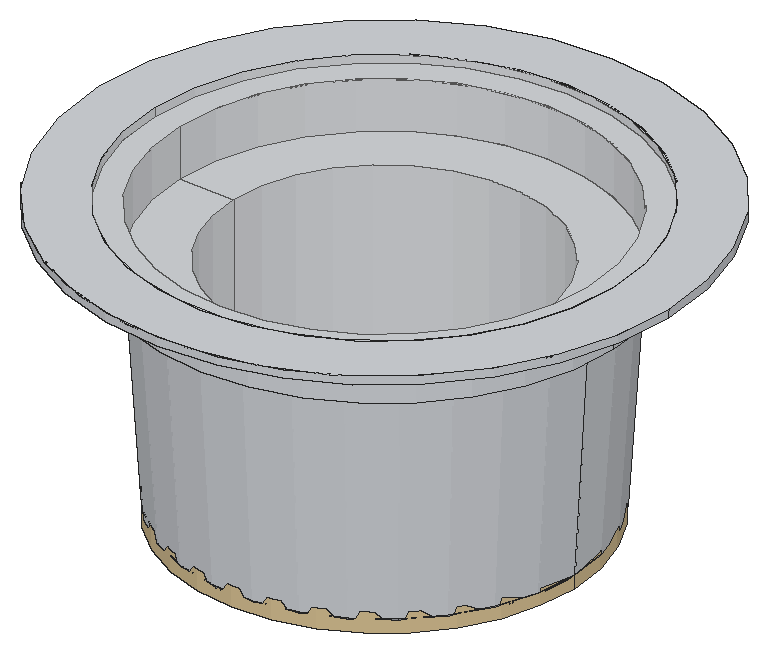
Revit family "Lighting-Terziario-GEWISS-ELIA-AL-LED_INCASSO_ACCENTO_D145", category Apparecchi per illuminazione, host Superficie, Revit 2019
Family settings
  Host = Superficie
  Quota connettore circolare = Usa diametro
  Tipo di parte = Normale
  Taglio con vuoti quando caricato = No
  Sorgente d'illuminazione = Sì
  Condiviso = No
  Punto di calcolo locali = Sì
Parameters (values of type "GWF1411GH940 - ELIA AL S2 40K 60° ST.ALONE DALI CRI90")
  Wattage = 9.2903 W
  Visibilità etichetta [instance] = yes
  Visibilità simbolo [instance] = yes
  Visibilità lampada in pianta [instance] = not(Visibilità simbolo)  # no
  Versione file RFA = "20.0"
  Variazione temperatura colore lampada con luminosità attenuata = (empty or 0)
  URL = "https://www.gewiss.com/it/it"
  UGR: = "UGR<19"
  Tipologia sorgente luminosa = "LED - Non sostituibile"
  Tipologia = "Incasso modulare"
  Tipo lampada = "LED"
  Tipo alimentatore = ""
  Tensione = "220-240 V "
  Temperatura di utilizzo = "-20° +45°"
  Temperatura di funzionamento = "-20° +45°"
  Temperatura di colore: = "4000K"
  Temperatura di colore = "4000K"
  built-in parameter 1150107 = 3200 (stored number, unit not read)
  Spostamento_x_effettivo [instance] = 4000 mm - Spostamento_x  # 4000 mm
  Spostamento_x [instance] = 0 mm
  Spostamento_y_effettivo [instance] = 4000 mm - Spostamento_y  # 3820 mm
  Spostamento_y [instance] = 180 mm
  Scheda Tecnica = "https://www.gewiss.com/it/it/search?q=GWF1411GH940"
  STRUTTURA = none
  SEO = "Incasso modulare"
  Resistenza agli urti = "IK06"
  Potenza di sistema = "18W"
  Peso (kg): = "0,5"
  Peso (kg) = "0,5"
  built-in parameter 1150110 = 1 (stored number, unit not read)
  built-in parameter 1150109 = 1 (stored number, unit not read)
  built-in parameter 1114218 = 1 (stored number, unit not read)
  built-in parameter 1150112 = 1 (stored number, unit not read)
  POSIZIONE = 80000  # constant formula
  Ottica = "60°"
  built-in parameter 1150142 = "IESNA:LM-63-1995\r\n[TEST] 1\r\n[DATE] 27 Nov 2019\r\n[MANUFAC] GEWISS\r\n[LUMCAT] GWF1411GH940\r\n[LUMINAIRE] ELIA AL - S2 60° LED940 18W - DALI\r\n[FLASHAREA] 0.002016\r\n[LAMPCAT] LED 18W/1800lm\r\n[LAMP] LED 18W/1800lm\r\nTILT=NONE\r\n1 1800.00 1.0 91 4 1 2 -0.103 0.000 0.000\r\n1.00 1.00 18.00\r\n0.00 1.00 2.00 3.00 4.00 5.00 6.00 7.00 8.00 9.00 10.00 \r\n11.00 12.00 13.00 14.00 15.00 16.00 17.00 18.00 19.00 \r\n20.00 21.00 22.00 23.00 24.00 25.00 26.00 27.00 28.00 \r\n29.00 30.00 31.00 32.00 33.00 34.00 35.00 36.00 37.00 \r\n38.00 39.00 40.00 41.00 42.00 43.00 44.00 45.00 46.00 \r\n47.00 48.00 49.00 50.00 51.00 52.00 53.00 54.00 55.00 \r\n56.00 57.00 58.00 59.00 60.00 61.00 62.00 63.00 64.00 \r\n65.00 66.00 67.00 68.00 69.00 70.00 71.00 72.00 73.00 \r\n74.00 75.00 76.00 77.00 78.00 79.00 80.00 81.00 82.00 \r\n83.00 84.00 85.00 86.00 87.00 88.00 89.00 90.00 \r\n0.00 30.00 60.00 90.00 \r\n2143.80 2145.60 2148.30 2151.00 2151.90 2148.30 2141.10 \r\n2131.20 2121.30 2109.60 2098.80 2087.10 2070.90 2050.20 \r\n2025.00 1993.50 1953.00 1905.30 1851.30 1789.11 1722.06 \r\n1649.61 1572.57 1490.04 1404.18 1314.09 1222.29 1133.01 \r\n1040.58 948.42 858.42 773.64 697.05 628.02 565.74 509.67 \r\n459.00 413.73 372.33 333.99 298.62 265.68 235.08 205.74 \r\n177.86 150.16 123.54 97.69 74.27 55.71 41.09 29.35 20.04 \r\n13.90 9.51 6.14 3.91 2.56 2.01 1.71 1.49 1.34 1.18 1.03 \r\n0.93 0.85 0.80 0.75 0.71 0.68 0.63 0.61 0.57 0.54 0.50 \r\n0.46 0.42 0.38 0.33 0.27 0.21 0.16 0.10 0.05 0.00 0.00 \r\n0.00 0.00 0.00 0.00 0.00 \r\n2133.00 2134.80 2137.95 2139.30 2137.05 2132.10 2125.80 \r\n2117.70 2108.70 2097.90 2088.00 2074.50 2058.30 2036.25 \r\n2010.15 1978.20 1938.15 1890.90 1836.99 1776.96 1711.21 \r\n1639.94 1564.65 1484.51 1400.36 1312.47 1221.98 1131.26 \r\n1040.36 948.87 858.33 774.94 698.81 629.82 568.58 513.04 \r\n462.69 417.42 376.11 337.95 302.13 268.97 238.37 209.03 \r\n180.66 152.99 126.15 99.79 75.70 56.42 41.86 29.79 20.15 \r\n13.93 9.58 6.20 3.85 2.57 2.00 1.68 1.49 1.34 1.18 1.03 \r\n0.92 0.84 0.79 0.75 0.70 0.67 0.63 0.60 0.57 0.53 0.50 \r\n0.46 0.41 0.37 0.33 0.28 0.22 0.16 0.09 0.04 0.00 0.00 \r\n0.00 0.00 0.00 0.00 0.00 \r\n2133.00 2134.35 2137.50 2139.30 2137.05 2133.00 2124.00 \r\n2114.10 2104.20 2093.85 2083.95 2071.35 2054.70 2034.00 \r\n2007.90 1976.40 1936.80 1889.55 1835.69 1775.57 1709.91 \r\n1638.54 1563.08 1482.80 1398.11 1309.77 1219.55 1128.78 \r\n1039.82 950.22 860.26 775.85 699.21 629.96 568.58 513.23 \r\n463.46 418.45 377.46 339.93 303.84 270.58 240.75 211.14 \r\n182.02 154.22 126.92 100.32 75.60 56.30 42.20 29.79 20.24 \r\n13.99 9.65 6.27 3.80 2.63 2.00 1.69 1.51 1.36 1.20 1.05 \r\n0.93 0.85 0.81 0.76 0.72 0.68 0.64 0.61 0.57 0.54 0.51 \r\n0.46 0.43 0.38 0.34 0.28 0.23 0.17 0.10 0.02 0.00 0.00 \r\n0.00 0.00 0.00 0.00 0.00 \r\n2133.00 2133.90 2138.40 2140.20 2140.20 2134.80 2125.80 \r\n2114.10 2102.40 2091.60 2079.00 2067.30 2050.20 2030.40 \r\n2005.20 1972.80 1932.30 1885.50 1830.15 1770.93 1704.78 \r\n1633.59 1558.17 1478.43 1394.28 1306.26 1216.08 1125.00 \r\n1038.33 948.87 858.60 774.27 698.31 629.73 568.80 513.27 \r\n463.23 418.23 377.64 340.11 304.02 271.08 241.47 212.49 \r\n182.59 154.75 127.01 100.57 75.41 56.02 42.28 29.66 20.27 \r\n14.05 9.74 6.34 3.76 2.68 2.04 1.73 1.54 1.40 1.24 1.10 \r\n0.95 0.89 0.83 0.78 0.73 0.70 0.66 0.62 0.59 0.55 0.52 \r\n0.47 0.44 0.39 0.34 0.30 0.23 0.17 0.10 0.02 0.00 0.00 \r\n0.00 0.00 0.00 0.00 0.00 \r\n"
  built-in parameter 1150137 = (empty or 0)
  built-in parameter 1150132 = (empty or 0)
  Lumen output (lm) = "1900"
  Lampada: = "LED"
  LUNGHEZZA FORO = 968.572 mm
  LED Life time (L80B50) = "L80 B50 (Tq25°) = 50.000h"
  LED = none
  LARGHEZZA_FORO = 820.364 mm
  built-in parameter 1150105 = 109.82 (stored number, unit not read)
  built-in parameter 1150102 = (empty or 0)
  Installazione = "Incasso modulare"
  built-in parameter 1150106 = 1.0982 (stored number, unit not read)
  Default Elevation = 1219.2 mm
  Produttore = "GEWISS S.p.A."
  Nome quadro [instance] = "18W"
  Model = "GWF1411GH940"
  L_lampada = 1500 mm
  Immagine tipo = ELIA_AL.jpg
  IDT = "40448338-f630-44a4-b37d-0c013efb62a7"
  IDF = "41421456-b9f5-47ea-8ba5-c5c0e50a6ac9"
  Grado di protezione = "IP40 - IP54"
  Garanzia = "5 anni"
  Flusso luminoso in emergenza (lm) = ""
  Lumens = 1380 lm
  Color Filter = 16777215
  File diagramma fotometrico = "GWF1411GH940.IES"
  built-in parameter 1114217 = 1 (stored number, unit not read)
  built-in parameter 1150139 = (empty or 0)
  FORO_CONTROSOFFITTO = 80 mm  # constant formula
  Emit from Line Length = 609.6 mm
  built-in parameter 1150104 = 13.8 (stored number, unit not read)
  Distanza dal host [instance] = 0 mm
  built-in parameter 1150115 = 1 (stored number, unit not read)
  built-in parameter 1150114 = 1 (stored number, unit not read)
  built-in parameter 1150113 = 1 (stored number, unit not read)
  Dimensioni (mm) = "Standard"
  Description = "ELIA AL S2 40K 60° ST.ALONE DALI CRI90"
  Creato da GEWISS S.p.A. = ""
  built-in parameter 1150134 = 3
  built-in parameter 1150138 = (empty or 0)
  Colore = "Bianco"
  Codice Electrocod = ""
  Codice EAN = ""
  Classe isolamento = "II"
  Classe di efficienza LED integrati = ""
  Catalogo Serie = "ELIA AL"
  Catalogo = "LIGHTING"
  COBie.Tagnumber = ""
  COBie.CreatedOn = ""
  COBie.CreatebBy = ""
  COBie.ComponentRegisterItemID = ""
  COBie.Component.TagNumber = ""
  COBie.Component.Space = ""
  COBie.Component.SerialNumber = ""
  COBie.Component.InstallationDate = ""
  COBie.Component.Description = ""
  COBie.Component.BarCode = ""
  Applicazione = "Interno"
  Tilt Angle = -90.00°
  built-in parameter 1150133 = 10 (stored number, unit not read)
Reference planes
  plane 1 "Centro (Fronte/Retro)": y = 0
  plane 2: z = 0
  plane 3 "Centro (Sinistra/Destra)": x = 0
  plane 4: x = -4000
  plane 5: x = 0
  plane 6: x = 0
  plane 7: z = 1200
  plane 8: y = -4000
  plane 9: y = -180
  plane 10: x = -484.286
  plane 11: y = -410.182
  plane 12: x = 484.286
  plane 13: y = 410.182
  plane 14: z = -80
Forms (mm)
  Extrusion 1, void
    sketch origin (0, 0, 0) x (1, 0, 0) y (0, 1, 0)
      loop
        circle (0, 0) r 72.5
    from -82.105 to 0
Lines and regions (mm)
  symbolic lines, visible <- "Visibilità lampada in pianta"
    curve 1: circle (0, 0, 0) r 86 normal (0, 0, 1)
Dimensions and locks
  plane 4 to plane 3 "Centro (Sinistra/Destra)" = 4000 mm  (x2)
  "Spostamento_x_effettivo": plane 4 to plane 5
  "Spostamento_x_effettivo": plane 6 to plane 4
  plane 7 to plane 2 = 1200 mm
  "Spostamento_y_effettivo": plane 9 to plane 8
  plane 1 "Centro (Fronte/Retro)" to plane 8 = 4000 mm
  equal spacing: plane 10, plane 3 "Centro (Sinistra/Destra)", plane 12
  equal spacing: plane 13, plane 1 "Centro (Fronte/Retro)", plane 11
  "FORO_CONTROSOFFITTO": level to plane 14
  "LUNGHEZZA FORO": plane 10 to plane 12
  "LARGHEZZA_FORO": plane 13 to plane 11
  aligned and locked: plane 2 to host face
  aligned and locked: level to host face
  aligned and locked: nested 2 to plane 1 "Centro (Fronte/Retro)"
  aligned and locked: plane 6 to nested 1
  aligned and locked: nested 1 to plane 9
  aligned and locked: plane 3 "Centro (Sinistra/Destra)" to nested 3
  aligned and locked: plane 1 "Centro (Fronte/Retro)" to nested 3
  aligned and locked: plane 6 to nested 4
  aligned and locked: nested 4 to imposter light
  aligned and locked: host face to imposter light
  aligned and locked: level to Extrusion 1
  aligned and locked: nested 3 to host face
Automatic sketch dimensions
  host sketch curve to host sketch curve = 2438.4 mm  (x2)
  plane 1 "Centro (Fronte/Retro)" to curve 1 = 0 mm
  curve 1 to plane 3 "Centro (Sinistra/Destra)" = 0 mm
  plane 1 "Centro (Fronte/Retro)" to Extrusion 1 sketch curve = 0 mm
  Extrusion 1 sketch curve to plane 3 "Centro (Sinistra/Destra)" = 0 mm
  radius of curve 1 = 86 mm
  radius of Extrusion 1 sketch curve = 72.5 mm
Nested families
  nested 1: "Etichetta light" at (0, -180, 0), visible <- "Visibilità etichetta", type "Etichetta light"
  nested 2: "SIMB_2D" at (0, 0, 110.443) x (0, 0, 1) z (1, 0, 0), visible <- "Visibilità simbolo", type "SIMB_2D"
  nested 3: "Base_ELIA_4_ AL_Base" at (0, 0, -70.117), type "Base_ELIA_4_ AL_Base"
  nested 4: "elia_cl_SIMB_2D" at (0, 0, 0), vs_simbolo <- "Visibilità simbolo", type "elia_cl_SIMB_2D"
    with vs_simbolo yes
Definition of nested family "Base_ELIA_4_ AL_Base"
  Parameters (values of type "Base_ELIA_4_ AL_Base")
    struttura = none
    r3 = r2 - 5 mm  # 85.426 mm
    r2 = Raggio - 23.8 mm  # 90.426 mm
    h_led = 45 mm
    Raggio = 114.226 mm
    Led = none
    Diametro lampada = Raggio * 2  # 228.452 mm
  Reference planes
    plane 1 "Asse sorgente illuminazione (F/B)": y = 0
    plane 2 "inferiore": z = 0
    plane 3 "Asse sorgente illuminazione (L/R)": x = 0
    plane 4 "Prospetto sorgente di illuminazione": z = 1500
    plane 5 "superiore": z = 58.117
    plane 6: x = -52.151
    plane 7: x = 59.008
    plane 8: x = -48.462
    plane 9: x = 48.727
    plane 10: z = 70.117
    plane 11: z = 72.126
  Forms (mm)
    Revolve 1, solid, material <- "struttura"
      sketch origin (0, 0, 0) x (1, 0, 0) y (0, 0, 1)
        loop
          line (-52.151, 58.117) -> (-48.462, 3.145)
          arc (-48.462, 3.145) -> (-46.061, 0.84) -> (-42.839, 0) r 6.599
          line (-42.839, 0) -> (-38.462, 0) -> (-38.462, 58.117) -> (-52.151, 58.117)
        axis (0, 58.117) -> (0, 0)
      angle from 0 to 360
    Extrusion 2, solid, material <- "struttura"
      sketch origin (0, 0, 58.117) x (-1, 0, 0) y (0, -1, 0)
        loop
          circle (0, 0) r 58.5
        loop
          circle (0, 0) r 52.151
      from 0 to 12
    Extrusion 3, solid, material <- "Led"
      sketch origin (0, 0, 58.117) x (-1, 0, 0) y (0, -1, 0)
        loop
          circle (0, 0) r 72.5
        loop
          circle (0, 0) r 58.5
      from 12 to 14.008
    Extrusion 4, solid
      sketch origin (0, 0, 58.117) x (-1, 0, 0) y (0, -1, 0)
        loop
          circle (0, 0) r 48.462
      from -58.117 to -53.373
    Extrusion 5, solid
      sketch origin (0, 0, 58.117) x (-1, 0, 0) y (0, -1, 0)
        loop
          circle (0, 0) r 58.5
      from 12 to 14.008
  Dimensions and locks
    locked: plane 5 "superiore" to plane 2 "inferiore" at 58.117
    plane 9 to plane 8 = 97.189 mm
    locked: plane 10 to plane 5 "superiore" at 12
    locked: plane 11 to plane 10 at 2.009
    diameter of Extrusion 2 sketch curve = 117 mm
    diameter of Extrusion 3 sketch curve = 145 mm
    aligned and locked: level to plane 2 "inferiore"
    aligned and locked: Revolve 1 sketch curve to plane 5 "superiore"
    aligned and locked: Revolve 1 sketch curve to plane 2 "inferiore"
    aligned and locked: Extrusion 2 to plane 10
    aligned and locked: plane 10 to Extrusion 3
    aligned and locked: Extrusion 3 to plane 11
Definition of nested family "Etichetta light"
  Parameters (values of type "ETICHETTA LIGHT")
    COMMENTI = "330W"
  Reference planes
    plane 1: y = 0
    plane 2: x = 0
  Text (mm)
    label "COMMENTI" at (-0.057, 0.105, 0), shows "COMMENTI"
Definition of nested family "SIMB_2D"
  Parameters (values of type "SIMB_2D")
    vs_simbolo [instance] = yes
  Reference planes
    plane 1 "Centro (Fronte/Retro)": y = 0
    plane 2: z = 0
    plane 3 "Centro (Sinistra/Destra)": x = 0
  Lines and regions (mm)
    model lines, in view "Livello rif.", visible <- "vs_simbolo"
      curve 1: circle (1.594, -5.402, 0) r 132.43 normal (0, 0, 1)
      curve 2: circle (1.594, -5.402, 0) r 159.119 normal (0, 0, 1)
      curve 3: line (58.804, -62.709, 0) -> (-55.615, -5.745, 0)
      curve 4: line (-55.615, -5.745, 0) -> (58.804, 51.905, 0)
      curve 5: line (58.804, 51.905, 0) -> (58.804, -62.709, 0)
      curve 6: line (-55.615, 51.562, 0) -> (-55.615, -63.052, 0)
      curve 7: line (-55.615, -5.745, 0) -> (-89.068, -5.745, 0)
      curve 8: line (58.804, -5.402, 0) -> (83.507, -5.402, 0)
Definition of nested family "elia_cl_SIMB_2D"
  Parameters (values of type "elia_cl_SIMB_2D")
    vs_simbolo [instance] = yes
  Reference planes
    plane 1 "Centro (Fronte/Retro)": y = 0
    plane 2: z = 0
    plane 3 "Centro (Sinistra/Destra)": x = 0
  Lines and regions (mm)
    model lines, in view "Livello rif.", visible <- "vs_simbolo"
      curve 1: circle (1.594, -5.402, 0) r 159.119 normal (0, 0, 1)
      curve 2: line (58.804, -62.709, 0) -> (-55.615, -5.745, 0)
      curve 3: line (-55.615, -5.745, 0) -> (58.804, 51.905, 0)
      curve 4: line (58.804, 51.905, 0) -> (58.804, -62.709, 0)
      curve 5: line (-55.615, 51.562, 0) -> (-55.615, -63.052, 0)
      curve 6: line (-55.615, -5.745, 0) -> (-89.068, -5.745, 0)
      curve 7: line (58.804, -5.402, 0) -> (83.507, -5.402, 0)
Types (16, lengths in mm): name | Temperatura di colore: | Temperatura di colore | Scheda Tecnica | Ottica | built-in parameter 1150142 | Lumen output (lm) | Model | IDT | File diagramma fotometrico | Description
  GWF1411GG830 - ELIA AL S2 30K 36° ST.ALONE DALI CRI80 | "3000K" | "3000K" | "https://www.gewiss.com/it/it/search?q=GWF1411GG830" | "36°" | "IESNA:LM-63-1995\r\n[TEST] 1\r\n[DATE] 27 Nov 2019\r\n[MANUFAC] GEWISS\r\n[LUMCAT] GWF1411GG830\r\n[LUMINAIRE] ELIA AL - S2 36° LED830 18W - DALI\r\n[FLASHAREA] 0.002016\r\n[LAMPCAT] LED 18W/1900lm\r\n[LAMP] LED 18W/1900lm\r\nTILT=NONE\r\n1 1900.00 1.0 91 4 1 2 -0.103 0.000 0.000\r\n1.00 1.00 18.00\r\n0.00 1.00 2.00 3.00 4.00 5.00 6.00 7.00 8.00 9.00 10.00 \r\n11.00 12.00 13.00 14.00 15.00 16.00 17.00 18.00 19.00 \r\n20.00 21.00 22.00 23.00 24.00 25.00 26.00 27.00 28.00 \r\n29.00 30.00 31.00 32.00 33.00 34.00 35.00 36.00 37.00 \r\n38.00 39.00 40.00 41.00 42.00 43.00 44.00 45.00 46.00 \r\n47.00 48.00 49.00 50.00 51.00 52.00 53.00 54.00 55.00 \r\n56.00 57.00 58.00 59.00 60.00 61.00 62.00 63.00 64.00 \r\n65.00 66.00 67.00 68.00 69.00 70.00 71.00 72.00 73.00 \r\n74.00 75.00 76.00 77.00 78.00 79.00 80.00 81.00 82.00 \r\n83.00 84.00 85.00 86.00 87.00 88.00 89.00 90.00 \r\n0.00 30.00 60.00 90.00 \r\n4104.00 4091.65 4064.10 4026.10 3979.55 3915.90 3830.40 \r\n3740.15 3629.00 3506.45 3372.50 3222.40 3061.85 2890.85 \r\n2712.25 2533.65 2347.45 2164.29 1984.55 1812.22 1646.63 \r\n1493.59 1353.08 1218.38 1102.66 998.07 903.73 821.75 \r\n747.84 682.19 624.05 572.00 524.88 482.03 443.84 408.97 \r\n375.15 344.75 315.97 289.46 262.10 236.84 211.70 185.19 \r\n158.35 131.12 104.58 82.14 62.92 45.11 30.76 21.76 16.10 \r\n10.93 7.41 5.47 4.30 3.47 2.84 2.35 1.99 1.71 1.45 1.29 \r\n1.16 1.04 0.98 0.93 0.88 0.84 0.78 0.75 0.69 0.65 0.60 \r\n0.55 0.51 0.45 0.39 0.31 0.23 0.15 0.10 0.04 0.00 0.00 \r\n0.00 0.00 0.00 0.00 0.00 \r\n4089.75 4082.15 4054.60 4019.45 3966.72 3905.92 3825.65 \r\n3734.45 3626.63 3500.75 3363.00 3211.95 3051.40 2880.88 \r\n2706.55 2527.00 2343.65 2161.30 1982.70 1808.37 1645.31 \r\n1491.36 1351.28 1222.79 1104.66 999.64 906.06 823.03 \r\n749.41 684.19 625.72 574.61 529.01 487.25 450.16 415.48 \r\n384.04 353.16 325.19 298.63 271.94 246.03 220.89 192.94 \r\n165.47 136.94 108.58 83.47 62.05 43.79 29.96 21.00 14.99 \r\n9.85 6.83 5.16 4.10 3.37 2.79 2.35 2.00 1.70 1.44 1.27 \r\n1.16 1.06 1.00 0.95 0.92 0.84 0.80 0.75 0.70 0.67 0.61 \r\n0.56 0.51 0.45 0.38 0.31 0.24 0.14 0.07 0.04 0.00 0.00 \r\n0.00 0.00 0.00 0.00 0.00 \r\n4090.70 4081.20 4058.88 4020.40 3971.95 3909.72 3833.25 \r\n3737.30 3630.42 3502.17 3364.90 3212.42 3050.45 2882.78 \r\n2708.45 2528.90 2346.50 2164.39 1984.64 1814.31 1649.67 \r\n1497.06 1358.50 1230.44 1113.31 1007.57 913.09 829.63 \r\n755.01 689.84 631.99 581.12 536.23 496.00 460.18 427.17 \r\n396.67 367.55 339.63 312.50 286.95 260.74 234.35 206.43 \r\n177.31 146.65 115.18 85.39 60.37 42.23 29.58 20.28 13.11 \r\n8.67 6.32 4.95 4.02 3.32 2.79 2.37 2.00 1.67 1.44 1.29 \r\n1.17 1.09 1.03 0.97 0.92 0.87 0.82 0.77 0.72 0.67 0.63 \r\n0.58 0.53 0.46 0.40 0.33 0.23 0.17 0.11 0.05 0.00 0.00 \r\n0.00 0.00 0.00 0.00 0.00 \r\n4090.70 4080.25 4060.30 4023.25 3971.00 3909.25 3830.40 \r\n3733.50 3625.20 3506.45 3364.90 3211.95 3051.40 2881.35 \r\n2707.50 2530.80 2348.40 2166.95 1987.69 1815.16 1653.95 \r\n1503.85 1366.58 1233.48 1116.72 1010.71 916.08 831.91 \r\n758.19 691.98 633.46 582.45 538.55 499.32 464.45 429.97 \r\n400.33 371.83 343.52 316.92 291.65 265.79 238.79 210.49 \r\n180.57 149.13 115.59 83.52 56.73 39.99 29.51 19.65 12.05 \r\n8.21 6.22 4.91 4.02 3.33 2.82 2.40 2.03 1.68 1.47 1.28 \r\n1.18 1.11 1.05 0.99 0.94 0.89 0.84 0.78 0.74 0.70 0.64 \r\n0.59 0.54 0.47 0.41 0.34 0.25 0.18 0.13 0.03 0.00 0.00 \r\n0.00 0.00 0.00 0.00 0.00 \r\n" | "1900" | "GWF1411GG830" | "507cf224-81c1-4079-8cb6-cbcddf7160b8" | "GWF1411GG830.IES" | "ELIA AL S2 30K 36° ST.ALONE DALI CRI80"
  GWF1411GG930 - ELIA AL S2 30K 36° ST.ALONE DALI CRI90 | "3000K" | "3000K" | "https://www.gewiss.com/it/it/search?q=GWF1411GG930" | "36°" | "IESNA:LM-63-1995\r\n[TEST] 1\r\n[DATE] 27 Nov 2019\r\n[MANUFAC] GEWISS\r\n[LUMCAT] GWF1411GG930\r\n[LUMINAIRE] ELIA AL - S2 36° LED930 18W - DALI\r\n[FLASHAREA] 0.002016\r\n[LAMPCAT] LED 18W/1600lm\r\n[LAMP] LED 18W/1600lm\r\nTILT=NONE\r\n1 1600.00 1.0 91 4 1 2 -0.103 0.000 0.000\r\n1.00 1.00 18.00\r\n0.00 1.00 2.00 3.00 4.00 5.00 6.00 7.00 8.00 9.00 10.00 \r\n11.00 12.00 13.00 14.00 15.00 16.00 17.00 18.00 19.00 \r\n20.00 21.00 22.00 23.00 24.00 25.00 26.00 27.00 28.00 \r\n29.00 30.00 31.00 32.00 33.00 34.00 35.00 36.00 37.00 \r\n38.00 39.00 40.00 41.00 42.00 43.00 44.00 45.00 46.00 \r\n47.00 48.00 49.00 50.00 51.00 52.00 53.00 54.00 55.00 \r\n56.00 57.00 58.00 59.00 60.00 61.00 62.00 63.00 64.00 \r\n65.00 66.00 67.00 68.00 69.00 70.00 71.00 72.00 73.00 \r\n74.00 75.00 76.00 77.00 78.00 79.00 80.00 81.00 82.00 \r\n83.00 84.00 85.00 86.00 87.00 88.00 89.00 90.00 \r\n0.00 30.00 60.00 90.00 \r\n3456.00 3445.60 3422.40 3390.40 3351.20 3297.60 3225.60 \r\n3149.60 3056.00 2952.80 2840.00 2713.60 2578.40 2434.40 \r\n2284.00 2133.60 1976.80 1822.56 1671.20 1526.08 1386.64 \r\n1257.76 1139.44 1026.00 928.56 840.48 761.04 692.00 \r\n629.76 574.48 525.52 481.68 442.00 405.92 373.76 344.40 \r\n315.92 290.32 266.08 243.76 220.72 199.44 178.27 155.95 \r\n133.34 110.42 88.06 69.17 52.98 37.98 25.91 18.33 13.56 \r\n9.20 6.24 4.61 3.62 2.92 2.39 1.98 1.68 1.44 1.22 1.09 \r\n0.98 0.88 0.83 0.78 0.74 0.71 0.66 0.63 0.58 0.54 0.51 \r\n0.46 0.43 0.38 0.32 0.27 0.19 0.13 0.09 0.03 0.00 0.00 \r\n0.00 0.00 0.00 0.00 0.00 \r\n3444.00 3437.60 3414.40 3384.80 3340.40 3289.20 3221.60 \r\n3144.80 3054.00 2948.00 2832.00 2704.80 2569.60 2426.00 \r\n2279.20 2128.00 1973.60 1820.04 1669.64 1522.84 1385.52 \r\n1255.88 1137.92 1029.72 930.24 841.80 763.00 693.08 \r\n631.08 576.16 526.92 483.88 445.48 410.32 379.08 349.88 \r\n323.40 297.40 273.84 251.48 229.00 207.18 186.02 162.48 \r\n139.34 115.32 91.44 70.29 52.26 36.88 25.23 17.68 12.62 \r\n8.29 5.75 4.35 3.45 2.83 2.35 1.98 1.68 1.43 1.21 1.07 \r\n0.98 0.89 0.84 0.80 0.77 0.71 0.67 0.63 0.59 0.56 0.51 \r\n0.47 0.43 0.38 0.32 0.26 0.20 0.12 0.06 0.04 0.00 0.00 \r\n0.00 0.00 0.00 0.00 0.00 \r\n3444.80 3436.80 3418.00 3385.60 3344.80 3292.40 3228.00 \r\n3147.20 3057.20 2949.20 2833.60 2705.20 2568.80 2427.60 \r\n2280.80 2129.60 1976.00 1822.64 1671.28 1527.84 1389.20 \r\n1260.68 1144.00 1036.16 937.52 848.48 768.92 698.64 \r\n635.80 580.92 532.20 489.36 451.56 417.68 387.52 359.72 \r\n334.04 309.52 286.00 263.16 241.64 219.57 197.35 173.83 \r\n149.31 123.49 96.99 71.90 50.84 35.56 24.91 17.08 11.04 \r\n7.30 5.32 4.17 3.38 2.79 2.35 2.00 1.68 1.41 1.21 1.08 \r\n0.98 0.92 0.87 0.82 0.77 0.73 0.69 0.65 0.61 0.57 0.53 \r\n0.49 0.44 0.39 0.34 0.28 0.20 0.14 0.09 0.04 0.00 0.00 \r\n0.00 0.00 0.00 0.00 0.00 \r\n3444.80 3436.00 3419.20 3388.00 3344.00 3292.00 3225.60 \r\n3144.00 3052.80 2952.80 2833.60 2704.80 2569.60 2426.40 \r\n2280.00 2131.20 1977.60 1824.80 1673.84 1528.56 1392.80 \r\n1266.40 1150.80 1038.72 940.40 851.12 771.44 700.56 \r\n638.48 582.72 533.44 490.48 453.52 420.48 391.12 362.08 \r\n337.12 313.12 289.28 266.88 245.60 223.82 201.09 177.26 \r\n152.06 125.58 97.34 70.34 47.78 33.67 24.85 16.55 10.15 \r\n6.92 5.24 4.14 3.38 2.81 2.37 2.02 1.71 1.42 1.24 1.08 \r\n0.99 0.93 0.88 0.84 0.79 0.75 0.70 0.66 0.63 0.59 0.54 \r\n0.50 0.45 0.40 0.35 0.28 0.21 0.15 0.11 0.02 0.00 0.00 \r\n0.00 0.00 0.00 0.00 0.00 \r\n" | "1700" | "GWF1411GG930" | "0a01df21-9765-470f-806c-0cdb499fb787" | "GWF1411GG930.IES" | "ELIA AL S2 30K 36° ST.ALONE DALI CRI90"
  GWF1410GG830 - ELIA AL S2 30K 36° ST.ALONE ON/OFF CRI80 | "3000K" | "3000K" | "https://www.gewiss.com/it/it/search?q=GWF1410GG830" | "36°" | "IESNA:LM-63-1995\r\n[TEST] 1\r\n[DATE] 27 Nov 2019\r\n[MANUFAC] GEWISS\r\n[LUMCAT] GWF1410GG830\r\n[LUMINAIRE] ELIA AL - S2 36° LED830 18W\r\n[FLASHAREA] 0.002016\r\n[LAMPCAT] LED 18W/1900lm\r\n[LAMP] LED 18W/1900lm\r\nTILT=NONE\r\n1 1900.00 1.0 91 4 1 2 -0.103 0.000 0.000\r\n1.00 1.00 18.00\r\n0.00 1.00 2.00 3.00 4.00 5.00 6.00 7.00 8.00 9.00 10.00 \r\n11.00 12.00 13.00 14.00 15.00 16.00 17.00 18.00 19.00 \r\n20.00 21.00 22.00 23.00 24.00 25.00 26.00 27.00 28.00 \r\n29.00 30.00 31.00 32.00 33.00 34.00 35.00 36.00 37.00 \r\n38.00 39.00 40.00 41.00 42.00 43.00 44.00 45.00 46.00 \r\n47.00 48.00 49.00 50.00 51.00 52.00 53.00 54.00 55.00 \r\n56.00 57.00 58.00 59.00 60.00 61.00 62.00 63.00 64.00 \r\n65.00 66.00 67.00 68.00 69.00 70.00 71.00 72.00 73.00 \r\n74.00 75.00 76.00 77.00 78.00 79.00 80.00 81.00 82.00 \r\n83.00 84.00 85.00 86.00 87.00 88.00 89.00 90.00 \r\n0.00 30.00 60.00 90.00 \r\n4104.00 4091.65 4064.10 4026.10 3979.55 3915.90 3830.40 \r\n3740.15 3629.00 3506.45 3372.50 3222.40 3061.85 2890.85 \r\n2712.25 2533.65 2347.45 2164.29 1984.55 1812.22 1646.63 \r\n1493.59 1353.08 1218.38 1102.66 998.07 903.73 821.75 \r\n747.84 682.19 624.05 572.00 524.88 482.03 443.84 408.97 \r\n375.15 344.75 315.97 289.46 262.10 236.84 211.70 185.19 \r\n158.35 131.12 104.58 82.14 62.92 45.11 30.76 21.76 16.10 \r\n10.93 7.41 5.47 4.30 3.47 2.84 2.35 1.99 1.71 1.45 1.29 \r\n1.16 1.04 0.98 0.93 0.88 0.84 0.78 0.75 0.69 0.65 0.60 \r\n0.55 0.51 0.45 0.39 0.31 0.23 0.15 0.10 0.04 0.00 0.00 \r\n0.00 0.00 0.00 0.00 0.00 \r\n4089.75 4082.15 4054.60 4019.45 3966.72 3905.92 3825.65 \r\n3734.45 3626.63 3500.75 3363.00 3211.95 3051.40 2880.88 \r\n2706.55 2527.00 2343.65 2161.30 1982.70 1808.37 1645.31 \r\n1491.36 1351.28 1222.79 1104.66 999.64 906.06 823.03 \r\n749.41 684.19 625.72 574.61 529.01 487.25 450.16 415.48 \r\n384.04 353.16 325.19 298.63 271.94 246.03 220.89 192.94 \r\n165.47 136.94 108.58 83.47 62.05 43.79 29.96 21.00 14.99 \r\n9.85 6.83 5.16 4.10 3.37 2.79 2.35 2.00 1.70 1.44 1.27 \r\n1.16 1.06 1.00 0.95 0.92 0.84 0.80 0.75 0.70 0.67 0.61 \r\n0.56 0.51 0.45 0.38 0.31 0.24 0.14 0.07 0.04 0.00 0.00 \r\n0.00 0.00 0.00 0.00 0.00 \r\n4090.70 4081.20 4058.88 4020.40 3971.95 3909.72 3833.25 \r\n3737.30 3630.42 3502.17 3364.90 3212.42 3050.45 2882.78 \r\n2708.45 2528.90 2346.50 2164.39 1984.64 1814.31 1649.67 \r\n1497.06 1358.50 1230.44 1113.31 1007.57 913.09 829.63 \r\n755.01 689.84 631.99 581.12 536.23 496.00 460.18 427.17 \r\n396.67 367.55 339.63 312.50 286.95 260.74 234.35 206.43 \r\n177.31 146.65 115.18 85.39 60.37 42.23 29.58 20.28 13.11 \r\n8.67 6.32 4.95 4.02 3.32 2.79 2.37 2.00 1.67 1.44 1.29 \r\n1.17 1.09 1.03 0.97 0.92 0.87 0.82 0.77 0.72 0.67 0.63 \r\n0.58 0.53 0.46 0.40 0.33 0.23 0.17 0.11 0.05 0.00 0.00 \r\n0.00 0.00 0.00 0.00 0.00 \r\n4090.70 4080.25 4060.30 4023.25 3971.00 3909.25 3830.40 \r\n3733.50 3625.20 3506.45 3364.90 3211.95 3051.40 2881.35 \r\n2707.50 2530.80 2348.40 2166.95 1987.69 1815.16 1653.95 \r\n1503.85 1366.58 1233.48 1116.72 1010.71 916.08 831.91 \r\n758.19 691.98 633.46 582.45 538.55 499.32 464.45 429.97 \r\n400.33 371.83 343.52 316.92 291.65 265.79 238.79 210.49 \r\n180.57 149.13 115.59 83.52 56.73 39.99 29.51 19.65 12.05 \r\n8.21 6.22 4.91 4.02 3.33 2.82 2.40 2.03 1.68 1.47 1.28 \r\n1.18 1.11 1.05 0.99 0.94 0.89 0.84 0.78 0.74 0.70 0.64 \r\n0.59 0.54 0.47 0.41 0.34 0.25 0.18 0.13 0.03 0.00 0.00 \r\n0.00 0.00 0.00 0.00 0.00 \r\n" | "1900" | "GWF1410GG830" | "b12a3635-e5d8-46ce-b167-b732a6e648c4" | "GWF1410GG830.IES" | "ELIA AL S2 30K 36° ST.ALONE ON/OFF CRI80"
  GWF1410GG930 - ELIA AL S2 30K 36° ST.ALONE ON/OFF CRI90 | "3000K" | "3000K" | "https://www.gewiss.com/it/it/search?q=GWF1410GG930" | "36°" | "IESNA:LM-63-1995\r\n[TEST] 1\r\n[DATE] 27 Nov 2019\r\n[MANUFAC] GEWISS\r\n[LUMCAT] GWF1410GG930\r\n[LUMINAIRE] ELIA AL - S2 36° LED930 18W\r\n[FLASHAREA] 0.002016\r\n[LAMPCAT] LED 18W/1600lm\r\n[LAMP] LED 18W/1600lm\r\nTILT=NONE\r\n1 1600.00 1.0 91 4 1 2 -0.103 0.000 0.000\r\n1.00 1.00 18.00\r\n0.00 1.00 2.00 3.00 4.00 5.00 6.00 7.00 8.00 9.00 10.00 \r\n11.00 12.00 13.00 14.00 15.00 16.00 17.00 18.00 19.00 \r\n20.00 21.00 22.00 23.00 24.00 25.00 26.00 27.00 28.00 \r\n29.00 30.00 31.00 32.00 33.00 34.00 35.00 36.00 37.00 \r\n38.00 39.00 40.00 41.00 42.00 43.00 44.00 45.00 46.00 \r\n47.00 48.00 49.00 50.00 51.00 52.00 53.00 54.00 55.00 \r\n56.00 57.00 58.00 59.00 60.00 61.00 62.00 63.00 64.00 \r\n65.00 66.00 67.00 68.00 69.00 70.00 71.00 72.00 73.00 \r\n74.00 75.00 76.00 77.00 78.00 79.00 80.00 81.00 82.00 \r\n83.00 84.00 85.00 86.00 87.00 88.00 89.00 90.00 \r\n0.00 30.00 60.00 90.00 \r\n3456.00 3445.60 3422.40 3390.40 3351.20 3297.60 3225.60 \r\n3149.60 3056.00 2952.80 2840.00 2713.60 2578.40 2434.40 \r\n2284.00 2133.60 1976.80 1822.56 1671.20 1526.08 1386.64 \r\n1257.76 1139.44 1026.00 928.56 840.48 761.04 692.00 \r\n629.76 574.48 525.52 481.68 442.00 405.92 373.76 344.40 \r\n315.92 290.32 266.08 243.76 220.72 199.44 178.27 155.95 \r\n133.34 110.42 88.06 69.17 52.98 37.98 25.91 18.33 13.56 \r\n9.20 6.24 4.61 3.62 2.92 2.39 1.98 1.68 1.44 1.22 1.09 \r\n0.98 0.88 0.83 0.78 0.74 0.71 0.66 0.63 0.58 0.54 0.51 \r\n0.46 0.43 0.38 0.32 0.27 0.19 0.13 0.09 0.03 0.00 0.00 \r\n0.00 0.00 0.00 0.00 0.00 \r\n3444.00 3437.60 3414.40 3384.80 3340.40 3289.20 3221.60 \r\n3144.80 3054.00 2948.00 2832.00 2704.80 2569.60 2426.00 \r\n2279.20 2128.00 1973.60 1820.04 1669.64 1522.84 1385.52 \r\n1255.88 1137.92 1029.72 930.24 841.80 763.00 693.08 \r\n631.08 576.16 526.92 483.88 445.48 410.32 379.08 349.88 \r\n323.40 297.40 273.84 251.48 229.00 207.18 186.02 162.48 \r\n139.34 115.32 91.44 70.29 52.26 36.88 25.23 17.68 12.62 \r\n8.29 5.75 4.35 3.45 2.83 2.35 1.98 1.68 1.43 1.21 1.07 \r\n0.98 0.89 0.84 0.80 0.77 0.71 0.67 0.63 0.59 0.56 0.51 \r\n0.47 0.43 0.38 0.32 0.26 0.20 0.12 0.06 0.04 0.00 0.00 \r\n0.00 0.00 0.00 0.00 0.00 \r\n3444.80 3436.80 3418.00 3385.60 3344.80 3292.40 3228.00 \r\n3147.20 3057.20 2949.20 2833.60 2705.20 2568.80 2427.60 \r\n2280.80 2129.60 1976.00 1822.64 1671.28 1527.84 1389.20 \r\n1260.68 1144.00 1036.16 937.52 848.48 768.92 698.64 \r\n635.80 580.92 532.20 489.36 451.56 417.68 387.52 359.72 \r\n334.04 309.52 286.00 263.16 241.64 219.57 197.35 173.83 \r\n149.31 123.49 96.99 71.90 50.84 35.56 24.91 17.08 11.04 \r\n7.30 5.32 4.17 3.38 2.79 2.35 2.00 1.68 1.41 1.21 1.08 \r\n0.98 0.92 0.87 0.82 0.77 0.73 0.69 0.65 0.61 0.57 0.53 \r\n0.49 0.44 0.39 0.34 0.28 0.20 0.14 0.09 0.04 0.00 0.00 \r\n0.00 0.00 0.00 0.00 0.00 \r\n3444.80 3436.00 3419.20 3388.00 3344.00 3292.00 3225.60 \r\n3144.00 3052.80 2952.80 2833.60 2704.80 2569.60 2426.40 \r\n2280.00 2131.20 1977.60 1824.80 1673.84 1528.56 1392.80 \r\n1266.40 1150.80 1038.72 940.40 851.12 771.44 700.56 \r\n638.48 582.72 533.44 490.48 453.52 420.48 391.12 362.08 \r\n337.12 313.12 289.28 266.88 245.60 223.82 201.09 177.26 \r\n152.06 125.58 97.34 70.34 47.78 33.67 24.85 16.55 10.15 \r\n6.92 5.24 4.14 3.38 2.81 2.37 2.02 1.71 1.42 1.24 1.08 \r\n0.99 0.93 0.88 0.84 0.79 0.75 0.70 0.66 0.63 0.59 0.54 \r\n0.50 0.45 0.40 0.35 0.28 0.21 0.15 0.11 0.02 0.00 0.00 \r\n0.00 0.00 0.00 0.00 0.00 \r\n" | "1700" | "GWF1410GG930" | "46f68bd9-f4c6-401c-89c0-6d959b8e5d75" | "GWF1410GG930.IES" | "ELIA AL S2 30K 36° ST.ALONE ON/OFF CRI90"
